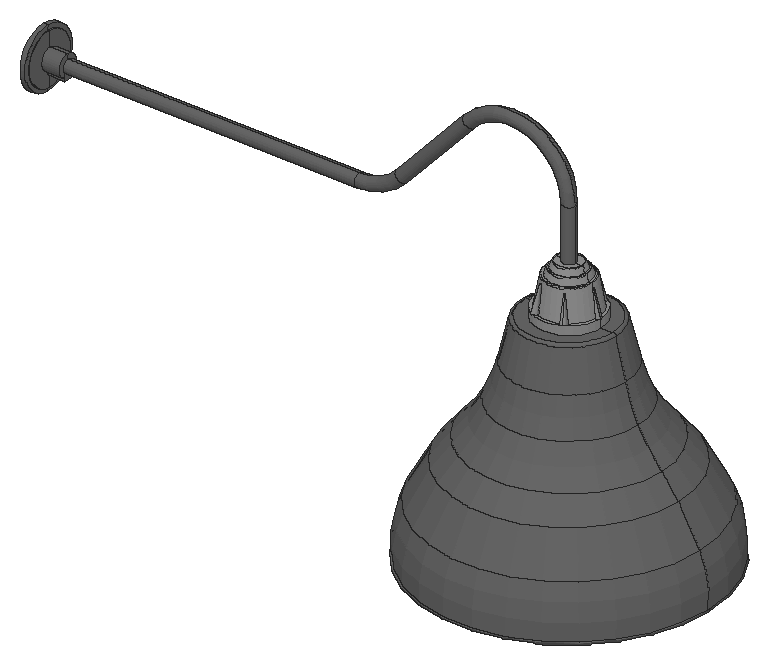
Revit family "Vintage Bistro BEU", category Lighting Fixtures, Revit 2020 (continued)
Definition of nested family "BEU18_1"
  Definition of nested family "BEU18"
    Forms (in)
      Revolve 1, solid, material <- "HUB", visible <- "BEU18"
        sketch origin (0, 0, 12.67166) x (1, 0, 0) y (0, 0, 1)
          loop
            arc (-1.23667, 5.70334) -> (-1.25816, 5.69708) -> (-1.27292, 5.68025) r 0.04
            line (-1.27292, 5.68025) -> (-1.3986, 5.41073) -> (-1.49143, 5.41073)
            arc (-1.49143, 5.41073) -> (-1.51437, 5.40349) -> (-1.52902, 5.38441) r 0.04
            line (-1.52902, 5.38441) -> (-1.65794, 5.03019) -> (-1.82304, 5.03019)
            arc (-1.82304, 5.03019) -> (-1.84862, 5.02094) -> (-1.86237, 4.99748) r 0.04
            line (-1.86237, 4.99748) -> (-2.24058, 2.95773) -> (-2.5, 2.95773) -> (-2.5, 2.37048) -> (-2.28, 2.37048) -> (-2.28, 2.75048) -> (-2, 3.00048) -> (-1.6, 3.00048) -> (-1.34987, 4.78027)
            arc (-1.34987, 4.78027) -> (-1.26631, 4.93415) -> (-1.1023, 4.99548) r 0.25
            line (-1.1023, 4.99548) -> (-0.28, 4.99548) -> (-0.28, 5.70334) -> (-1.23667, 5.70334)
          axis (0, 5.70334) -> (0, 2.37048)
        angle from 0 to 360
      Revolve 2, solid, material <- "HUB", visible <- "BEU18"
        sketch origin (0, 0, 12.67166) x (1, 0, 0) y (0, 0, 1)
          loop
            line (2.24058, 2.95773) -> (2.49108, 2.95773) -> (1.92916, 4.90696) -> (1.87916, 4.90696) -> (2.24058, 2.95773)
          axis (1.87916, 4.90696) -> (2.24891, 2.91282)
        angle from 0 to 360
      Revolve 3, solid, material <- "HUB", visible <- "BEU18"
        sketch origin (0, 0, 12.67166) x (-1, 0, 0) y (0, 0, 1)
          loop
            line (2.24058, 2.95773) -> (2.49108, 2.95773) -> (1.92916, 4.90696) -> (1.87916, 4.90696) -> (2.24058, 2.95773)
          axis (1.87916, 4.90696) -> (2.24891, 2.91282)
        angle from 0 to 360
      Revolve 4, solid, material <- "HUB", visible <- "BEU18"
        sketch origin (0, 0, 12.67166) x (0.5, 0.866025, 0) y (0, 0, 1)
          loop
            line (2.24058, 2.95773) -> (2.49108, 2.95773) -> (1.92916, 4.90696) -> (1.87916, 4.90696) -> (2.24058, 2.95773)
          axis (1.87916, 4.90696) -> (2.24891, 2.91282)
        angle from 0 to 360
      Revolve 5, solid, material <- "HUB", visible <- "BEU18"
        sketch origin (0, 0, 12.67166) x (-0.5, -0.866025, 0) y (0, 0, 1)
          loop
            line (2.24058, 2.95773) -> (2.49108, 2.95773) -> (1.92916, 4.90696) -> (1.87916, 4.90696) -> (2.24058, 2.95773)
          axis (1.87916, 4.90696) -> (2.24891, 2.91282)
        angle from 0 to 360
      Revolve 6, solid, material <- "HUB", visible <- "BEU18"
        sketch origin (0, 0, 12.67166) x (-0.5, 0.866025, 0) y (0, 0, 1)
          loop
            line (2.24058, 2.95773) -> (2.49108, 2.95773) -> (1.92916, 4.90696) -> (1.87916, 4.90696) -> (2.24058, 2.95773)
          axis (1.87916, 4.90696) -> (2.24891, 2.91282)
        angle from 0 to 360
      Revolve 7, solid, material <- "HUB", visible <- "BEU18"
        sketch origin (0, 0, 12.67166) x (0.5, -0.866025, 0) y (0, 0, 1)
          loop
            line (2.24058, 2.95773) -> (2.49108, 2.95773) -> (1.92916, 4.90696) -> (1.87916, 4.90696) -> (2.24058, 2.95773)
          axis (1.87916, 4.90696) -> (2.24891, 2.91282)
        angle from 0 to 360
      Revolve 8, solid, material <- "SHADE", visible <- "BEU18"
        sketch origin (0, 0, 0) x (1, 0, 0) y (0, 0, 1)
          loop
            line (-1.87515, 15.67) -> (-2, 15.67) -> (-2.25, 15.42) -> (-2.25, 15) -> (-3.17187, 15)
            arc (-3.17187, 15) -> (-3.32849, 14.94486) -> (-3.41602, 14.80378) r 0.25
            arc (-3.41602, 14.80378) -> (-3.60052, 14.08991) -> (-3.73303, 13.36459) r 10.2122
            arc (-3.73303, 13.36459) -> (-4.08399, 11.85879) -> (-4.68291, 10.43334) r 9.17137
            arc (-4.68291, 10.43334) -> (-5.52942, 9.04565) -> (-6.55015, 7.7806) r 12.40101
            arc (-6.55015, 7.7806) -> (-7.66527, 6.18234) -> (-8.31249, 4.34412) r 7.22267
            arc (-8.31249, 4.34412) -> (-8.70157, 2.2645) -> (-8.9189, 0.16) r 25.79336
            arc (-8.9189, 0.16) -> (-8.9989, 0.08) -> (-8.9189, 0) r 0.08
            line (-8.9189, 0) -> (-8.83442, 0)
            arc (-8.83442, 0) -> (-8.61968, 2.17513) -> (-8.22088, 4.32416) r 25.69961
            arc (-8.22088, 4.32416) -> (-7.58209, 6.13908) -> (-6.48121, 7.71707) r 7.12892
            arc (-6.48121, 7.71707) -> (-5.45275, 8.99169) -> (-4.59985, 10.38987) r 12.49476
            arc (-4.59985, 10.38987) -> (-3.9948, 11.82989) -> (-3.64026, 13.35108) r 9.26512
            arc (-3.64026, 13.35108) -> (-3.50856, 14.07159) -> (-3.32508, 14.78068) r 10.11845
            arc (-3.32508, 14.78068) -> (-3.27092, 14.87085) -> (-3.17187, 14.90625) r 0.15625
            line (-3.17187, 14.90625) -> (-2.15625, 14.90625) -> (-2.15625, 15.38117) -> (-1.93371, 15.60371) -> (-1.87515, 15.67)
          axis (0, 15.67) -> (0, 0)
        angle from 0 to 360
    Dimensions and locks (in)
      aligned and locked: plane 2 to level
      aligned and locked: Revolve 1 to plane 4
Definition of nested family "BEU20_1"
  Parameters (values of type "BEU20_1")
    Light Elevation [instance] = 4' - 0"
    HUB [instance] = none
    Default Elevation = 0' - 0"
    Body [instance] = none
    BEU20 [instance] = yes
  Reference planes (in)
    plane 1 "Center (Front/Back)": y = 0
    plane 2: z = 0
    plane 3 "Center (Left/Right)": x = 0
    plane 4: z = 48
  Dimensions and locks (in)
    "Light Elevation": plane 4 to plane 2
    aligned and locked: plane 2 to level
    aligned and locked: plane 1 "Center (Front/Back)" to nested 1
    aligned and locked: plane 3 "Center (Left/Right)" to nested 1
    aligned and locked: plane 4 to nested 1
  Nested families (in)
    nested 1: "BEU20" at (0, 0, 28.11922), visible <- "BEU20", HUB <- "HUB", SHADE <- "Body", type "BEU20"
      with SHADE none, HUB none
  Definition of nested family "BEU20"
    Parameters (values of type "BEU20")
      SHADE [instance] = none
      HUB [instance] = none
      Default Elevation = 0' - 0"
      BEU20 [instance] = yes
    Reference planes (in)
      plane 1 "Center (Front/Back)": y = 0
      plane 2: z = 0
      plane 3 "Center (Left/Right)": x = 0
      plane 4: z = 19.88078
    Forms (in)
      Revolve 1, solid, material <- "HUB", visible <- "BEU20"
        sketch origin (0, 0, 14.17306) x (1, 0, 0) y (0, 0, 1)
          loop
            arc (-1.23462, 5.70773) -> (-1.25612, 5.70146) -> (-1.27088, 5.68463) r 0.04
            line (-1.27088, 5.68463) -> (-1.3986, 5.41073) -> (-1.49143, 5.41073)
            arc (-1.49143, 5.41073) -> (-1.51437, 5.40349) -> (-1.52902, 5.38441) r 0.04
            line (-1.52902, 5.38441) -> (-1.65794, 5.03019) -> (-1.82304, 5.03019)
            arc (-1.82304, 5.03019) -> (-1.84862, 5.02094) -> (-1.86237, 4.99748) r 0.04
            line (-1.86237, 4.99748) -> (-2.24058, 2.95773) -> (-2.5, 2.95773) -> (-2.5, 2.37048) -> (-2.28, 2.37048) -> (-2.28, 2.75048) -> (-2, 3.00048) -> (-1.6, 3.00048) -> (-1.34987, 4.78027)
            arc (-1.34987, 4.78027) -> (-1.26631, 4.93415) -> (-1.1023, 4.99548) r 0.25
            line (-1.1023, 4.99548) -> (-0.28, 4.99548) -> (-0.28, 5.70773) -> (-1.23462, 5.70773)
          axis (0, 5.70773) -> (0, 2.37048)
        angle from 0 to 360
      Revolve 2, solid, material <- "HUB", visible <- "BEU20"
        sketch origin (0, 0, 14.17306) x (1, 0, 0) y (0, 0, 1)
          loop
            line (2.24058, 2.95773) -> (2.49108, 2.95773) -> (1.92916, 4.90696) -> (1.87916, 4.90696) -> (2.24058, 2.95773)
          axis (1.87916, 4.90696) -> (2.24891, 2.91282)
        angle from 0 to 360
      Revolve 3, solid, material <- "HUB", visible <- "BEU20"
        sketch origin (0, 0, 14.17306) x (-1, 0, 0) y (0, 0, 1)
          loop
            line (2.24058, 2.95773) -> (2.49108, 2.95773) -> (1.92916, 4.90696) -> (1.87916, 4.90696) -> (2.24058, 2.95773)
          axis (1.87916, 4.90696) -> (2.24891, 2.91282)
        angle from 0 to 360
      Revolve 4, solid, material <- "HUB", visible <- "BEU20"
        sketch origin (0, 0, 14.17306) x (0.5, 0.866025, 0) y (0, 0, 1)
          loop
            line (2.24058, 2.95773) -> (2.49108, 2.95773) -> (1.92916, 4.90696) -> (1.87916, 4.90696) -> (2.24058, 2.95773)
          axis (1.87916, 4.90696) -> (2.24891, 2.91282)
        angle from 0 to 360
      Revolve 5, solid, material <- "HUB", visible <- "BEU20"
        sketch origin (0, 0, 14.17306) x (-0.5, -0.866025, 0) y (0, 0, 1)
          loop
            line (2.24058, 2.95773) -> (2.49108, 2.95773) -> (1.92916, 4.90696) -> (1.87916, 4.90696) -> (2.24058, 2.95773)
          axis (1.87916, 4.90696) -> (2.24891, 2.91282)
        angle from 0 to 360
      Revolve 6, solid, material <- "HUB", visible <- "BEU20"
        sketch origin (0, 0, 14.17306) x (-0.5, 0.866025, 0) y (0, 0, 1)
          loop
            line (2.24058, 2.95773) -> (2.49108, 2.95773) -> (1.92916, 4.90696) -> (1.87916, 4.90696) -> (2.24058, 2.95773)
          axis (1.87916, 4.90696) -> (2.24891, 2.91282)
        angle from 0 to 360
      Revolve 7, solid, material <- "HUB", visible <- "BEU20"
        sketch origin (0, 0, 14.17306) x (0.5, -0.866025, 0) y (0, 0, 1)
          loop
            line (2.24058, 2.95773) -> (2.49108, 2.95773) -> (1.92916, 4.90696) -> (1.87916, 4.90696) -> (2.24058, 2.95773)
          axis (1.87916, 4.90696) -> (2.24891, 2.91282)
        angle from 0 to 360
      Revolve 8, solid, material <- "SHADE", visible <- "BEU20"
        sketch origin (0, 0, 0) x (1, 0, 0) y (0, 0, 1)
          loop
            line (-1.86742, 17.17) -> (-2, 17.17) -> (-2.25, 16.92) -> (-2.25, 16.5) -> (-3.23477, 16.5)
            arc (-3.23477, 16.5) -> (-3.38424, 16.45039) -> (-3.4744, 16.32125) r 0.25
            arc (-3.4744, 16.32125) -> (-3.59491, 15.8808) -> (-3.69596, 15.43548) r 10.4
            arc (-3.69596, 15.43548) -> (-4.32493, 13.28703) -> (-5.30267, 11.2732) r 13.40492
            arc (-5.30267, 11.2732) -> (-6.4251, 9.5098) -> (-7.65547, 7.81993) r 33.45521
            arc (-7.65547, 7.81993) -> (-8.89062, 5.73562) -> (-9.56885, 3.40969) r 9.66921
            arc (-9.56885, 3.40969) -> (-9.77186, 1.78784) -> (-9.91935, 0.16) r 47.84892
            arc (-9.91935, 0.16) -> (-9.99935, 0.08) -> (-9.91935, 0) r 0.08
            line (-9.91935, 0) -> (-9.83684, 0)
            arc (-9.83684, 0) -> (-9.68686, 1.70107) -> (-9.47615, 3.3957) r 47.75517
            arc (-9.47615, 3.3957) -> (-8.80446, 5.69866) -> (-7.58144, 7.76241) r 9.57546
            arc (-7.58144, 7.76241) -> (-6.34763, 9.45701) -> (-5.22205, 11.22536) r 33.54896
            arc (-5.22205, 11.22536) -> (-4.23747, 13.25327) -> (-3.6041, 15.41675) r 13.49867
            arc (-3.6041, 15.41675) -> (-3.50396, 15.85805) -> (-3.38453, 16.29453) r 10.30625
            arc (-3.38453, 16.29453) -> (-3.32819, 16.37524) -> (-3.23477, 16.40625) r 0.15625
            line (-3.23477, 16.40625) -> (-2.15625, 16.40625) -> (-2.15625, 16.88117) -> (-1.86742, 17.17)
          axis (0, 17.17) -> (0, 0)
        angle from 0 to 360
    Dimensions and locks (in)
      aligned and locked: plane 2 to level
      aligned and locked: Revolve 1 to plane 4
Types (6): name | a | Weight | URL | Model | Fixture Height | Fixture Diameter | BEU22 | BEU20 | BEU18 | BEU15 | BEU13
  (no name) | 1' - 6" | "7.2 lbs" | "https://www.anplighting.com/assets/Uploads/product-attachments/specification-sheets/ANP-Specification-Sheet-INC-BEU22.pdf" | "BEU22" | 1' - 8 7/8" | 1' - 10" | yes | no | no | no | no
  BEU13 | 1' - 2" | "4.2 lb" | "https://www.anplighting.com/assets/Uploads/product-attachments/specification-sheets/ANP-Specification-Sheet-INC-BEU13.pdf" | "BEU13" | 1' - 2 3/4" | 1' - 1" | no | no | no | no | yes
  BEU15 | 1' - 3" | "5.2 lb" | "https://www.anplighting.com/assets/Uploads/product-attachments/specification-sheets/ANP-Specification-Sheet-INC-BEU15.pdf" | "BEU15" | 1' - 4 7/8" | 1' - 3" | no | no | no | yes | no
  BEU18 | 1' - 2" | "5.7 lbs" | "https://www.anplighting.com/assets/Uploads/product-attachments/specification-sheets/ANP-Specification-Sheet-INC-BEU18.pdf" | "BEU18" | 1' - 6 3/8" | 1' - 6" | no | no | yes | no | no
  BEU20 | 1' - 4" | "6.7 lbs" | "https://www.anplighting.com/assets/Uploads/product-attachments/specification-sheets/ANP-Specification-Sheet-INC-BEU20.pdf" | "BEU20" | 1' - 7 7/8" | 1' - 8" | no | yes | no | no | no
  BEU22 | 1' - 6" | "7.2 lbs" | "https://www.anplighting.com/assets/Uploads/product-attachments/specification-sheets/ANP-Specification-Sheet-INC-BEU22.pdf" | "BEU22" | 1' - 8 7/8" | 1' - 10" | yes | no | no | no | no
